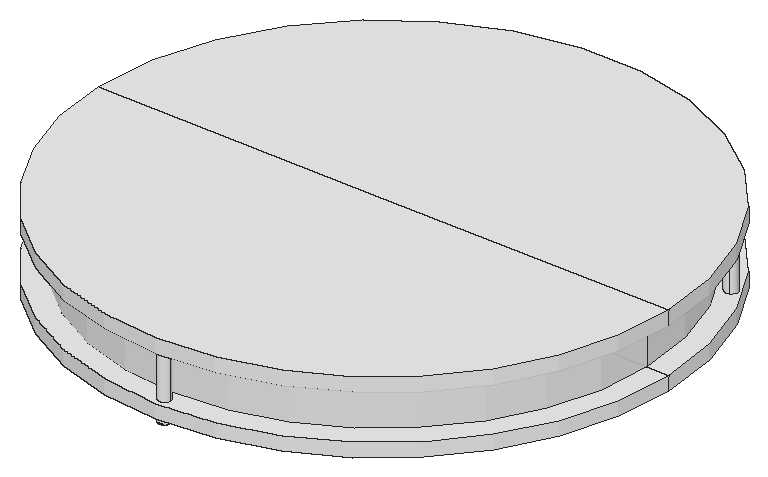
Revit family "3-619-xx - Oracle Ceiling Mount", category Lighting Fixtures, host Ceiling, Revit 2018
Family settings
  Host = Ceiling
  Round Connector Dimension = Use Diameter
  Part Type = Normal
  OmniClass Number = 23.80.70.11
  OmniClass Title = Luminaries for Internal Lighting
  Always vertical = Yes
  Cut with Voids When Loaded = No
  Light Source = Yes
  Shared = No
  Room Calculation Point = No
Parameters (values of type "3-619-14 / Polished Chrome - Matte White Acrylic")
  Wattage Comments = "1 x 10.1 W at 120 V"  # constant formula
  Wattage = 9.2903 W
  built-in parameter 1150110 = 1 (stored number, unit not read)
  Voltage Input = "120 V or 277 V - 50/60 Hz"  # constant formula
  Voltage = 120 V
  URL = "www.oxygenlighting.com"
  built-in parameter 1114217 = 1 (stored number, unit not read)
  built-in parameter 1150109 = 1 (stored number, unit not read)
  built-in parameter 1150134 = (empty or 0)
  built-in parameter 1150113 = 1 (stored number, unit not read)
  References = "Ref. 3 = 120 V / Ref. 37 = 277 V"  # constant formula
  Model = "3-619-xx / Oracle Ceiling Mount"  # constant formula
  Metal Finish = 14 - Polished Chrome
  Manufacturer = "Oxygen Lighting and Fans"  # constant formula
  Main Diffuser = Matte White Acrylic
  Lumens = 1380 lm
  built-in parameter 1150115 = 1 (stored number, unit not read)
  built-in parameter 1150105 = 109.82 (stored number, unit not read)
  Light Source Symbol Size = 609.6 mm
  built-in parameter 1150137 = (empty or 0)
  built-in parameter 1150139 = (empty or 0)
  built-in parameter 1150112 = 1 (stored number, unit not read)
  built-in parameter 1150114 = 1 (stored number, unit not read)
  Lamp = "LED Array"  # constant formula
  built-in parameter 1150132 = 2
  built-in parameter 1150102 = (empty or 0)
  built-in parameter 1150138 = (empty or 0)
  built-in parameter 1150107 = 3000 (stored number, unit not read)
  built-in parameter 1150106 = 1.0982 (stored number, unit not read)
  built-in parameter 1150104 = 13.8 (stored number, unit not read)
  Dimming Lamp Color Temperature Shift = <None>
  Color Filter = 16777215
  built-in parameter 1114218 = 1 (stored number, unit not read)
  built-in parameter 1150133 = 10 (stored number, unit not read)
Types (5, lengths in mm): name | Metal Finish
  3-619-14 / Polished Chrome - Matte White Acrylic | 14 - Polished Chrome
  3-619-15 / Black - Matte White Acrylic | 15 - Black
  3-619-22 / Oiled Bronze - Matte White Acrylic | 22- Oiled Bronze
  3-619-24 / Satin Nickel - Matte White Acrylic | 24 - Satin Nickel
  3-619-40 / Aged Brass - Matte White Acrylic | 40 - Aged Brass
Reference planes
  plane 1 "Light Source Axis (F/B)": y = 0
  plane 2: z = 0
  plane 3 "Light Source Axis (L/R)": x = 0
  plane 4 "Ceiling": z = 4000
  plane 5 "Light Source Elevation": z = 3950
Dimensions and locks
  equal spacing: host sketch curve, plane 3 "Light Source Axis (L/R)", host sketch curve
  equal spacing: host sketch curve, plane 1 "Light Source Axis (F/B)", host sketch curve
  host sketch curve to host sketch curve = 4000 mm  (x2)
  plane 4 "Ceiling" to host ceiling = 0 mm
  locked: plane 5 "Light Source Elevation" to plane 4 "Ceiling" at 50
  aligned and locked: plane 3 "Light Source Axis (L/R)" to imposter light
  aligned and locked: plane 1 "Light Source Axis (F/B)" to imposter light
  aligned and locked: plane 5 "Light Source Elevation" to imposter light
  aligned and locked: plane 3 "Light Source Axis (L/R)" to nested 1
  aligned and locked: plane 1 "Light Source Axis (F/B)" to nested 1
  aligned and locked: plane 4 "Ceiling" to nested 1
Nested families
  nested 1: "Base" at (0, 0, 4000), type "Base"
Connectors
  electrical at (0, 0, 4000), driven by "Voltage"
    settings: on nested 1, index 1, voltage 120 V, apparent load 0 VA, apparent load phase1 0 VA, apparent load phase2 0 VA, apparent load phase3 0 VA, power factor 1, load classification "Other", number of poles 1, system type 31, power factor state 1, is connector primary yes, connector utility no, sub classification motor no, connector description ""
Definition of nested family "Base"
  Parameters (values of type "Base")
    Metal Finish = none
    Main Diffuser = none
  Reference planes
    plane 1 "Center (Front/Back)": y = 0
    plane 2: z = 0
    plane 3 "Center (Left/Right)": x = 0
  Forms (mm)
    Revolve 1, solid, material <- "Metal Finish"
      sketch origin (0, 0, 0) x (1, 0, 0) y (0, 0, 1)
        loop
          line (0, -11.057) -> (0, 0) -> (-224.203, 0) -> (-224.203, -11.057) -> (0, -11.057)
        loop
          line (0, -57.128) -> (0, -46.007) -> (-224.203, -46.007) -> (-224.203, -57.128) -> (0, -57.128)
        axis (0, 0) -> (0, -57.128)
      angle from 0 to 360
    Revolve 2, solid, material <- "Main Diffuser"
      sketch origin (0, 0, 0) x (1, 0, 0) y (0, 0, 1)
        loop
          line (-207.514, -11.057) -> (-207.514, -46.007) -> (0, -46.007) -> (0, -11.057) -> (-207.514, -11.057)
        loop
          line (-199.591, -57.128) -> (-199.591, -66.548)
          arc (-199.591, -66.548) -> (-102.026, -98.257) -> (0, -108.99) r 490.771
          line (0, -108.99) -> (0, -57.128) -> (-199.591, -57.128)
        axis (0, -11.057) -> (0, -108.99)
      angle from 0 to 360
    Revolve 3, solid, material <- "Metal Finish"
      sketch origin (105.232, -215.675, 0) x (1, 0, 0) y (0, 0, 1)
        loop
          line (-109.998, -11.057) -> (-109.998, -61.894)
          arc (-109.998, -61.894) -> (-107.841, -63.462) -> (-105.232, -64.016) r 6.413
          line (-105.232, -64.016) -> (-105.232, -11.057) -> (-109.998, -11.057)
        axis (-105.232, -64.016) -> (-105.232, -11.057)
      angle from 0 to 360
    Revolve 4, solid, material <- "Metal Finish"
      sketch origin (134.164, 198.971, 0) x (-0.5, 0.866025, 0) y (0, 0, 1)
        loop
          line (-109.998, -11.057) -> (-109.998, -61.894)
          arc (-109.998, -61.894) -> (-107.841, -63.462) -> (-105.232, -64.016) r 6.413
          line (-105.232, -64.016) -> (-105.232, -11.057) -> (-109.998, -11.057)
        axis (-105.232, -64.016) -> (-105.232, -11.057)
      angle from 0 to 360
    Revolve 5, solid, material <- "Metal Finish"
      sketch origin (-239.396, 16.703, 0) x (-0.5, -0.866025, 0) y (0, 0, 1)
        loop
          line (-109.998, -11.057) -> (-109.998, -61.894)
          arc (-109.998, -61.894) -> (-107.841, -63.462) -> (-105.232, -64.016) r 6.413
          line (-105.232, -64.016) -> (-105.232, -11.057) -> (-109.998, -11.057)
        axis (-105.232, -64.016) -> (-105.232, -11.057)
      angle from 0 to 360
  Cuts and joins
    joined: Revolve 1, Revolve 3
  Dimensions and locks
    aligned and locked: level to plane 2
